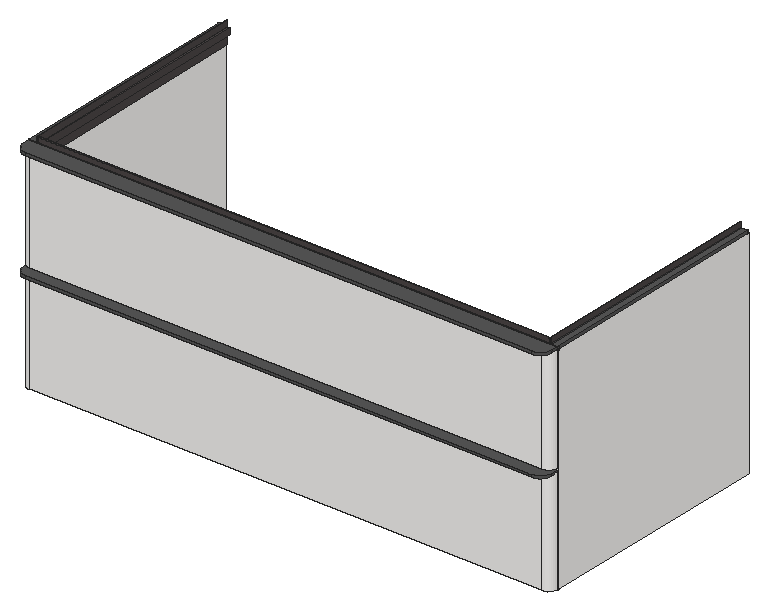
Revit family "vanity unit with 2 drawers for consoles with bowl", category Furniture, Revit 2019 (continued)
Definition of nested family "vanity unit 780_550 with 2 drawers for consoles with bowl-54077670-dark walnut-matt_black-400_content"
  Parameters (values of type "Vanity unit 780_550 with 2 drawers for consoles with bowl-54077670-Dark Walnut-MATT_BLACK-400_Content")
    NN = "Vanity unit with 2 drawers for consoles with bowl"
    NBSYN = "$BASENUMBER.-$ARTNR.-$OBERFLAECHE.-$SURFACE.-$LODLEVEL."
    NB = "Vanity unit 780/550 with 2 drawers for consoles with bowl-54077670-Dark Walnut-MATT_BLACK-400"
    NAME = "Xelu Q Vanity unit Dark Walnut 780/550 with 2 drawers for consoles with bowl"
    Model = "Vanity unit 780/550 with 2 drawers for consoles with bowl-54077670-Dark Walnut-MATT_BLACK-400"
    Manufacturer = "Hansgrohe"
    MASTERFORMAT = "12 35 30.23 | Bathroom Casework"
    LODLEVEL = "400"
    LINA = "Vanity unit 780/550 with 2 drawers for consoles with bowl-54077670-Dark Walnut-MATT_BLACK-400"
    L = 780
    IFC = "Furnishing element"
    GTINCODE = "4059625456446"
    ETIM = "EC011381 | Bathroom furniture set"
    Default Elevation = 1219.2 mm
    DESIGN = "Germany"
    ContentVisible [instance] = yes
    CATALOG = "Hansgrohe"
    BIMOBJECT = "Sanitary: Compound units"
    BASENUMBER = "Vanity unit 780/550 with 2 drawers for consoles with bowl"
    ARTNR = "54077670"
  Reference planes
    plane 1 "Center (Front/Back)": y = 0
    plane 2: z = 0
    plane 3 "Center (Left/Right)": x = 0
  Forms (mm)
    Extrusion 1, solid, visible <- "ContentVisible", detail levels medium+fine
      sketch origin (0, 0, 0) x (1, 0, 0) y (0, 1, 0)
        loop
          line (-390, 0) -> (-390, -527)
          arc (-390, -527) -> (-389.121, -529.121) -> (-387, -530) r 3
          line (-387, -530) -> (-374, -530) -> (-374, 0) -> (-390, 0)
      from 0 to 480
    Extrusion 2, solid, visible <- "ContentVisible", detail levels medium+fine
      sketch origin (0, 0, 0) x (1, 0, 0) y (0, 1, 0)
        loop
          line (-374, -133) -> (-374, -499.5) -> (374, -499.5) -> (374, -133) -> (-374, -133)
      from 0 to 16
    Extrusion 3, solid, visible <- "ContentVisible", detail levels medium+fine
      sketch origin (0, 0, 0) x (1, 0, 0) y (0, 1, 0)
        loop
          line (374, 0) -> (374, -530) -> (387, -530)
          arc (387, -530) -> (389.121, -529.121) -> (390, -527) r 3
          line (390, -527) -> (390, 0) -> (374, 0)
      from 0 to 480
    Extrusion 4, solid, visible <- "ContentVisible", detail levels medium+fine
      sketch origin (0, 0, 0) x (1, 0, 0) y (0, 1, 0)
        loop
          line (-374, -117) -> (-374, -133) -> (374, -133) -> (374, -117) -> (-374, -117)
      from 0 to 126
    Extrusion 5, solid, visible <- "ContentVisible", detail levels medium+fine
      sketch origin (0, 0, 2) x (1, 0, 0) y (0, 1, 0)
        loop
          arc (-390, -532) -> (-384.435, -545.435) -> (-371, -551) r 19
          line (-371, -551) -> (371, -551)
          arc (371, -551) -> (384.435, -545.435) -> (390, -532) r 19
          line (390, -532) -> (390, -530) -> (-390, -530) -> (-390, -532)
      from 0 to 234
    Extrusion 6, solid, visible <- "ContentVisible", detail levels medium+fine
      sketch origin (0, 0, 234) x (1, 0, 0) y (0, 1, 0)
        loop
          line (-388.5, -530) -> (-388.5, -546)
          arc (-388.5, -546) -> (-381.178, -563.678) -> (-363.5, -571) r 25
          line (-363.5, -571) -> (363.5, -571)
          arc (363.5, -571) -> (381.178, -563.678) -> (388.5, -546) r 25
          line (388.5, -546) -> (388.5, -530) -> (368.5, -530) -> (368.5, -528.5) -> (-368.5, -528.5) -> (-368.5, -530) -> (-388.5, -530)
      from 0 to 5
    Extrusion 7, solid, visible <- "ContentVisible", detail levels medium+fine
      sketch origin (0, 0, 0) x (0, 0, -1) y (0, 1, 0)
        loop
          line (-239, -528.5) -> (-239, -530) -> (-209, -530) -> (-209, -528.5) -> (-239, -528.5)
      from -368.5 to 368.5
    Extrusion 8, solid, visible <- "ContentVisible", detail levels medium+fine
      sketch origin (0, 0, 245) x (1, 0, 0) y (0, 1, 0)
        loop
          arc (-390, -532) -> (-384.435, -545.435) -> (-371, -551) r 19
          line (-371, -551) -> (371, -551)
          arc (371, -551) -> (384.435, -545.435) -> (390, -532) r 19
          line (390, -532) -> (390, -530) -> (-390, -530) -> (-390, -532)
      from 0 to 235
    Extrusion 9, solid, visible <- "ContentVisible", detail levels medium+fine
      sketch origin (0, 0, 480) x (1, 0, 0) y (0, 1, 0)
        loop
          line (-388.5, -530) -> (-388.5, -546)
          arc (-388.5, -546) -> (-381.178, -563.678) -> (-363.5, -571) r 25
          line (-363.5, -571) -> (363.5, -571)
          arc (363.5, -571) -> (381.178, -563.678) -> (388.5, -546) r 25
          line (388.5, -546) -> (388.5, -530) -> (368.5, -530) -> (368.5, -528.5) -> (-368.5, -528.5) -> (-368.5, -530) -> (-388.5, -530)
      from 0 to 5
    Extrusion 10, solid, visible <- "ContentVisible", detail levels medium+fine
      sketch origin (0, 0, 0) x (0, 0, -1) y (0, 1, 0)
        loop
          line (-485, -528.5) -> (-485, -530) -> (-455, -530) -> (-455, -528.5) -> (-485, -528.5)
      from -368.5 to 368.5
    Extrusion 11, solid, visible <- "ContentVisible", detail levels medium+fine
      sketch origin (0, 0, 0) x (1, 0, 0) y (0, 0, -1)
        loop
          line (-374, -447) -> (-374, -485) -> (-372.5, -485) -> (-372.5, -447) -> (-374, -447)
      from -530 to 0
    Extrusion 12, solid, visible <- "ContentVisible", detail levels medium+fine
      sketch origin (0, 0, 0) x (1, 0, 0) y (0, 0, -1)
        loop
          line (372.5, -446.8) -> (372.5, -485) -> (374, -485) -> (374, -446.8) -> (372.5, -446.8)
      from -530 to 0
    Extrusion 13, solid, visible <- "ContentVisible", detail levels medium+fine
      sketch origin (0, 0, 480) x (1, 0, 0) y (0, 1, 0)
        loop
          line (-390, -3) -> (-390, -527)
          arc (-390, -527) -> (-389.121, -529.121) -> (-387, -530) r 3
          line (-387, -530) -> (-374, -530) -> (-374, 0) -> (-387, 0)
          arc (-387, 0) -> (-389.121, -0.879) -> (-390, -3) r 3
      from 0 to 5
    Extrusion 14, solid, visible <- "ContentVisible", detail levels medium+fine
      sketch origin (0, 0, 480) x (1, 0, 0) y (0, 1, 0)
        loop
          line (374, 0) -> (374, -530) -> (387, -530)
          arc (387, -530) -> (389.121, -529.121) -> (390, -527) r 3
          line (390, -527) -> (390, -3)
          arc (390, -3) -> (389.121, -0.879) -> (387, 0) r 3
          line (387, 0) -> (374, 0)
      from 0 to 5
    Extrusion 15, solid, visible <- "ContentVisible", detail levels medium+fine
      sketch origin (0, 0, 0) x (1, 0, 0) y (0, 0, -1)
        loop
          line (-372.5, -447) -> (-372.5, -496) -> (-371, -496) -> (-371, -483) -> (-366.4, -483) -> (-366.4, -468.5) -> (-371, -468.5) -> (-371, -447) -> (-372.5, -447)
      from -528.5 to 0
    Extrusion 16, solid, visible <- "ContentVisible", detail levels medium+fine
      sketch origin (0, 0, 0) x (1, 0, 0) y (0, 0, -1)
        loop
          line (366.4, -468.5) -> (366.4, -483) -> (371, -483) -> (371, -496) -> (372.5, -496) -> (372.5, -447) -> (371, -447) -> (371, -468.5) -> (366.4, -468.5)
      from -528.5 to 0
    Extrusion 17, solid, visible <- "ContentVisible", detail levels medium+fine
      sketch origin (0, 0, 0) x (0, 0, -1) y (0, 1, 0)
        loop
          line (-496, -528.5) -> (-447, -528.5) -> (-447, -527) -> (-468.5, -527) -> (-468.5, -522.4) -> (-483, -522.4) -> (-483, -527) -> (-496, -527) -> (-496, -528.5)
      from -372.5 to 372.5
    Extrusion 18, solid, visible <- "ContentVisible", detail levels coarse
      sketch origin (0, -285.5, 0) x (1, 0, 0) y (0, 1, 0)
        loop
          line (-390, -285.5) -> (390, -285.5) -> (390, 285.5) -> (-390, 285.5) -> (-390, -285.5)
      from 0 to 496
  Dimensions and locks
    aligned and locked: level to plane 2
Definition of nested family "vanity unit 780_550 with 2 drawers for consoles with bowl-54077700-dark walnut-matt_white-200_content"
  Parameters (values of type "Vanity unit 780_550 with 2 drawers for consoles with bowl-54077700-Dark Walnut-MATT_WHITE-200_Content")
    etim7_EC011381 = "EC011381"
    WEIGHT = "31.3"
    UNSPSC = "56 | Furniture and Furnishings"
    UNIFORMATII = "E2010 | Fixed Furnishings"
    UNICLASS_2015_CODE = "40_30_78_05"
    UNICLASS2015 = "Pr_40_30_78_05 | Bathroom furniture"
    SURFACE = "MATT_WHITE"
    REGIONSET = "Worldwide"
    PRODUCTURL = "https://pro.hansgrohe.com/articledetail--54077000"
    PRODUCTGROUP = "vanity unit"
    PRODUCTFAMILY = "Xelu Q"
    PERMALINK = "54077XXX"
    OMNICLASS = "23-21 19 15 33 13 | Residential Bathroom Specialty Casework"
    OBJECTTYPE = "Object (single object)"
    OBERFLAECHE = "Dark Walnut"
    NN = "Vanity unit with 2 drawers for consoles with bowl"
    NBSYN = "$BASENUMBER.-$ARTNR.-$OBERFLAECHE.-$SURFACE.-$LODLEVEL."
    NB = "Vanity unit 780/550 with 2 drawers for consoles with bowl-54077700-Dark Walnut-MATT_WHITE-200"
    NAME = "Xelu Q Vanity unit Dark Walnut 780/550 with 2 drawers for consoles with bowl"
    Model = "Vanity unit 780/550 with 2 drawers for consoles with bowl-54077700-Dark Walnut-MATT_WHITE-200"
    Manufacturer = "Hansgrohe"
    MASTERFORMAT = "12 35 30.23 | Bathroom Casework"
    LODLEVEL = "200"
    LINA = "Vanity unit 780/550 with 2 drawers for consoles with bowl-54077700-Dark Walnut-MATT_WHITE-200"
    L = 780
    IFC = "Furnishing element"
    GTINCODE = "4059625456446"
    ETIM = "EC011381 | Bathroom furniture set"
    Default Elevation = 1219.2 mm
    DESIGN = "Germany"
    ContentVisible [instance] = yes
    CATALOG = "Hansgrohe"
    BIMOBJECT = "Sanitary: Compound units"
    BASENUMBER = "Vanity unit 780/550 with 2 drawers for consoles with bowl"
    ARTNR = "54077700"
  Reference planes
    plane 1 "Center (Front/Back)": y = 0
    plane 2: z = 0
    plane 3 "Center (Left/Right)": x = 0
  Forms (mm)
    Extrusion 1, solid, visible <- "ContentVisible", detail levels medium+fine
      sketch origin (0, 0, 0) x (1, 0, 0) y (0, 1, 0)
        loop
          line (-390, 0) -> (-390, -551) -> (390, -551) -> (390, 0) -> (374, 0) -> (374, -117) -> (-374, -117) -> (-374, 0) -> (-390, 0)
      from 0 to 480
    Extrusion 2, solid, visible <- "ContentVisible", detail levels medium+fine
      sketch origin (0, 0, 234) x (1, 0, 0) y (0, 1, 0)
        loop
          line (-388.5, -528.5) -> (-388.5, -571) -> (388.5, -571) -> (388.5, -528.5) -> (-388.5, -528.5)
      from 0 to 5
    Extrusion 3, solid, visible <- "ContentVisible", detail levels medium+fine
      sketch origin (0, 0, 480) x (1, 0, 0) y (0, 1, 0)
        loop
          line (-388.5, -528.5) -> (-388.5, -571) -> (388.5, -571) -> (388.5, -528.5) -> (-388.5, -528.5)
      from 0 to 5
    Extrusion 4, solid, visible <- "ContentVisible", detail levels medium+fine
      sketch origin (0, 0, 0) x (1, 0, 0) y (0, 0, -1)
        loop
          line (-374, -447) -> (-374, -485) -> (-372.5, -485) -> (-372.5, -447) -> (-374, -447)
      from -530 to 0
    Extrusion 5, solid, visible <- "ContentVisible", detail levels medium+fine
      sketch origin (0, 0, 0) x (1, 0, 0) y (0, 0, -1)
        loop
          line (372.5, -446.8) -> (372.5, -485) -> (374, -485) -> (374, -446.8) -> (372.5, -446.8)
      from -530 to 0
    Extrusion 6, solid, visible <- "ContentVisible", detail levels medium+fine
      sketch origin (0, 0, 480) x (1, 0, 0) y (0, 1, 0)
        loop
          line (-390, 0) -> (-390, -530) -> (-374, -530) -> (-374, 0) -> (-390, 0)
      from 0 to 5
    Extrusion 7, solid, visible <- "ContentVisible", detail levels medium+fine
      sketch origin (0, 0, 480) x (1, 0, 0) y (0, 1, 0)
        loop
          line (374, 0) -> (374, -530) -> (390, -530) -> (390, 0) -> (374, 0)
      from 0 to 5
    Extrusion 8, solid, visible <- "ContentVisible", detail levels medium+fine
      sketch origin (0, 0, 0) x (1, 0, 0) y (0, 0, -1)
        loop
          line (-372.5, -447) -> (-372.5, -496) -> (-366.4, -496) -> (-366.4, -447) -> (-372.5, -447)
      from -528.5 to 0
    Extrusion 9, solid, visible <- "ContentVisible", detail levels medium+fine
      sketch origin (0, 0, 0) x (1, 0, 0) y (0, 0, -1)
        loop
          line (366.4, -447) -> (366.4, -496) -> (372.5, -496) -> (372.5, -447) -> (366.4, -447)
      from -528.5 to 0
    Extrusion 10, solid, visible <- "ContentVisible", detail levels medium+fine
      sketch origin (0, 0, 0) x (0, 0, -1) y (0, 1, 0)
        loop
          line (-496, -528.5) -> (-447, -528.5) -> (-447, -522.4) -> (-496, -522.4) -> (-496, -528.5)
      from -372.5 to 372.5
    Extrusion 11, solid, visible <- "ContentVisible", detail levels coarse
      sketch origin (0, -285.5, 0) x (1, 0, 0) y (0, 1, 0)
        loop
          line (-390, -285.5) -> (390, -285.5) -> (390, 285.5) -> (-390, 285.5) -> (-390, -285.5)
      from 0 to 496
  Dimensions and locks
    aligned and locked: level to plane 2
Definition of nested family "vanity unit 780_550 with 2 drawers for consoles with bowl-54077700-dark walnut-matt_white-400_content"
  Parameters (values of type "Vanity unit 780_550 with 2 drawers for consoles with bowl-54077700-Dark Walnut-MATT_WHITE-400_Content")
    etim7_EC011381 = "EC011381"
    WEIGHT = "31.3"
    UNSPSC = "56 | Furniture and Furnishings"
    UNIFORMATII = "E2010 | Fixed Furnishings"
    UNICLASS_2015_CODE = "40_30_78_05"
    UNICLASS2015 = "Pr_40_30_78_05 | Bathroom furniture"
    SURFACE = "MATT_WHITE"
    REGIONSET = "Worldwide"
    PRODUCTURL = "https://pro.hansgrohe.com/articledetail--54077000"
    PRODUCTGROUP = "vanity unit"
    PRODUCTFAMILY = "Xelu Q"
    PERMALINK = "54077XXX"
    OMNICLASS = "23-21 19 15 33 13 | Residential Bathroom Specialty Casework"
    OBJECTTYPE = "Object (single object)"
    OBERFLAECHE = "Dark Walnut"
    NN = "Vanity unit with 2 drawers for consoles with bowl"
    NBSYN = "$BASENUMBER.-$ARTNR.-$OBERFLAECHE.-$SURFACE.-$LODLEVEL."
    NB = "Vanity unit 780/550 with 2 drawers for consoles with bowl-54077700-Dark Walnut-MATT_WHITE-400"
    NAME = "Xelu Q Vanity unit Dark Walnut 780/550 with 2 drawers for consoles with bowl"
    Model = "Vanity unit 780/550 with 2 drawers for consoles with bowl-54077700-Dark Walnut-MATT_WHITE-400"
    Manufacturer = "Hansgrohe"
    MASTERFORMAT = "12 35 30.23 | Bathroom Casework"
    LODLEVEL = "400"
    LINA = "Vanity unit 780/550 with 2 drawers for consoles with bowl-54077700-Dark Walnut-MATT_WHITE-400"
    L = 780
    IFC = "Furnishing element"
    GTINCODE = "4059625456446"
    ETIM = "EC011381 | Bathroom furniture set"
    Default Elevation = 1219.2 mm
    DESIGN = "Germany"
    ContentVisible [instance] = yes
    CATALOG = "Hansgrohe"
    BIMOBJECT = "Sanitary: Compound units"
    BASENUMBER = "Vanity unit 780/550 with 2 drawers for consoles with bowl"
    ARTNR = "54077700"
  Reference planes
    plane 1 "Center (Front/Back)": y = 0
    plane 2: z = 0
    plane 3 "Center (Left/Right)": x = 0
  Forms (mm)
    Extrusion 1, solid, visible <- "ContentVisible", detail levels medium+fine
      sketch origin (0, 0, 0) x (1, 0, 0) y (0, 1, 0)
        loop
          line (-390, 0) -> (-390, -527)
          arc (-390, -527) -> (-389.121, -529.121) -> (-387, -530) r 3
          line (-387, -530) -> (-374, -530) -> (-374, 0) -> (-390, 0)
      from 0 to 480
    Extrusion 2, solid, visible <- "ContentVisible", detail levels medium+fine
      sketch origin (0, 0, 0) x (1, 0, 0) y (0, 1, 0)
        loop
          line (-374, -133) -> (-374, -499.5) -> (374, -499.5) -> (374, -133) -> (-374, -133)
      from 0 to 16
    Extrusion 3, solid, visible <- "ContentVisible", detail levels medium+fine
      sketch origin (0, 0, 0) x (1, 0, 0) y (0, 1, 0)
        loop
          line (374, 0) -> (374, -530) -> (387, -530)
          arc (387, -530) -> (389.121, -529.121) -> (390, -527) r 3
          line (390, -527) -> (390, 0) -> (374, 0)
      from 0 to 480
    Extrusion 4, solid, visible <- "ContentVisible", detail levels medium+fine
      sketch origin (0, 0, 0) x (1, 0, 0) y (0, 1, 0)
        loop
          line (-374, -117) -> (-374, -133) -> (374, -133) -> (374, -117) -> (-374, -117)
      from 0 to 126
    Extrusion 5, solid, visible <- "ContentVisible", detail levels medium+fine
      sketch origin (0, 0, 2) x (1, 0, 0) y (0, 1, 0)
        loop
          arc (-390, -532) -> (-384.435, -545.435) -> (-371, -551) r 19
          line (-371, -551) -> (371, -551)
          arc (371, -551) -> (384.435, -545.435) -> (390, -532) r 19
          line (390, -532) -> (390, -530) -> (-390, -530) -> (-390, -532)
      from 0 to 234
    Extrusion 6, solid, visible <- "ContentVisible", detail levels medium+fine
      sketch origin (0, 0, 234) x (1, 0, 0) y (0, 1, 0)
        loop
          line (-388.5, -530) -> (-388.5, -546)
          arc (-388.5, -546) -> (-381.178, -563.678) -> (-363.5, -571) r 25
          line (-363.5, -571) -> (363.5, -571)
          arc (363.5, -571) -> (381.178, -563.678) -> (388.5, -546) r 25
          line (388.5, -546) -> (388.5, -530) -> (368.5, -530) -> (368.5, -528.5) -> (-368.5, -528.5) -> (-368.5, -530) -> (-388.5, -530)
      from 0 to 5
    Extrusion 7, solid, visible <- "ContentVisible", detail levels medium+fine
      sketch origin (0, 0, 0) x (0, 0, -1) y (0, 1, 0)
        loop
          line (-239, -528.5) -> (-239, -530) -> (-209, -530) -> (-209, -528.5) -> (-239, -528.5)
      from -368.5 to 368.5
    Extrusion 8, solid, visible <- "ContentVisible", detail levels medium+fine
      sketch origin (0, 0, 245) x (1, 0, 0) y (0, 1, 0)
        loop
          arc (-390, -532) -> (-384.435, -545.435) -> (-371, -551) r 19
          line (-371, -551) -> (371, -551)
          arc (371, -551) -> (384.435, -545.435) -> (390, -532) r 19
          line (390, -532) -> (390, -530) -> (-390, -530) -> (-390, -532)
      from 0 to 235
    Extrusion 9, solid, visible <- "ContentVisible", detail levels medium+fine
      sketch origin (0, 0, 480) x (1, 0, 0) y (0, 1, 0)
        loop
          line (-388.5, -530) -> (-388.5, -546)
          arc (-388.5, -546) -> (-381.178, -563.678) -> (-363.5, -571) r 25
          line (-363.5, -571) -> (363.5, -571)
          arc (363.5, -571) -> (381.178, -563.678) -> (388.5, -546) r 25
          line (388.5, -546) -> (388.5, -530) -> (368.5, -530) -> (368.5, -528.5) -> (-368.5, -528.5) -> (-368.5, -530) -> (-388.5, -530)
      from 0 to 5
    Extrusion 10, solid, visible <- "ContentVisible", detail levels medium+fine
      sketch origin (0, 0, 0) x (0, 0, -1) y (0, 1, 0)
        loop
          line (-485, -528.5) -> (-485, -530) -> (-455, -530) -> (-455, -528.5) -> (-485, -528.5)
      from -368.5 to 368.5
    Extrusion 11, solid, visible <- "ContentVisible", detail levels medium+fine
      sketch origin (0, 0, 0) x (1, 0, 0) y (0, 0, -1)
        loop
          line (-374, -447) -> (-374, -485) -> (-372.5, -485) -> (-372.5, -447) -> (-374, -447)
      from -530 to 0
    Extrusion 12, solid, visible <- "ContentVisible", detail levels medium+fine
      sketch origin (0, 0, 0) x (1, 0, 0) y (0, 0, -1)
        loop
          line (372.5, -446.8) -> (372.5, -485) -> (374, -485) -> (374, -446.8) -> (372.5, -446.8)
      from -530 to 0
    Extrusion 13, solid, visible <- "ContentVisible", detail levels medium+fine
      sketch origin (0, 0, 480) x (1, 0, 0) y (0, 1, 0)
        loop
          line (-390, -3) -> (-390, -527)
          arc (-390, -527) -> (-389.121, -529.121) -> (-387, -530) r 3
          line (-387, -530) -> (-374, -530) -> (-374, 0) -> (-387, 0)
          arc (-387, 0) -> (-389.121, -0.879) -> (-390, -3) r 3
      from 0 to 5
    Extrusion 14, solid, visible <- "ContentVisible", detail levels medium+fine
      sketch origin (0, 0, 480) x (1, 0, 0) y (0, 1, 0)
        loop
          line (374, 0) -> (374, -530) -> (387, -530)
          arc (387, -530) -> (389.121, -529.121) -> (390, -527) r 3
          line (390, -527) -> (390, -3)
          arc (390, -3) -> (389.121, -0.879) -> (387, 0) r 3
          line (387, 0) -> (374, 0)
      from 0 to 5
    Extrusion 15, solid, visible <- "ContentVisible", detail levels medium+fine
      sketch origin (0, 0, 0) x (1, 0, 0) y (0, 0, -1)
        loop
          line (-372.5, -447) -> (-372.5, -496) -> (-371, -496) -> (-371, -483) -> (-366.4, -483) -> (-366.4, -468.5) -> (-371, -468.5) -> (-371, -447) -> (-372.5, -447)
      from -528.5 to 0
    Extrusion 16, solid, visible <- "ContentVisible", detail levels medium+fine
      sketch origin (0, 0, 0) x (1, 0, 0) y (0, 0, -1)
        loop
          line (366.4, -468.5) -> (366.4, -483) -> (371, -483) -> (371, -496) -> (372.5, -496) -> (372.5, -447) -> (371, -447) -> (371, -468.5) -> (366.4, -468.5)
      from -528.5 to 0
    Extrusion 17, solid, visible <- "ContentVisible", detail levels medium+fine
      sketch origin (0, 0, 0) x (0, 0, -1) y (0, 1, 0)
        loop
          line (-496, -528.5) -> (-447, -528.5) -> (-447, -527) -> (-468.5, -527) -> (-468.5, -522.4) -> (-483, -522.4) -> (-483, -527) -> (-496, -527) -> (-496, -528.5)
      from -372.5 to 372.5
    Extrusion 18, solid, visible <- "ContentVisible", detail levels coarse
      sketch origin (0, -285.5, 0) x (1, 0, 0) y (0, 1, 0)
        loop
          line (-390, -285.5) -> (390, -285.5) -> (390, 285.5) -> (-390, 285.5) -> (-390, -285.5)
      from 0 to 496
  Dimensions and locks
    aligned and locked: level to plane 2
Definition of nested family "vanity unit 980_550 with 2 drawers for consoles with bowl-54078000-high gloss white-chrome-200_content"
  Parameters (values of type "Vanity unit 980_550 with 2 drawers for consoles with bowl-54078000-High Gloss White-CHROME-200_Content")
    etim7_EC011381 = "EC011381"
    WEIGHT = "37.4"
    UNSPSC = "56 | Furniture and Furnishings"
    UNIFORMATII = "E2010 | Fixed Furnishings"
    UNICLASS_2015_CODE = "40_30_78_05"
    UNICLASS2015 = "Pr_40_30_78_05 | Bathroom furniture"
    SURFACE = "CHROME"
    REGIONSET = "Worldwide"
    PRODUCTURL = "https://pro.hansgrohe.com/articledetail--54078000"
    PRODUCTGROUP = "vanity unit"
    PRODUCTFAMILY = "Xelu Q"
    PERMALINK = "54078XXX"
    OMNICLASS = "23-21 19 15 33 13 | Residential Bathroom Specialty Casework"
    OBJECTTYPE = "Object (single object)"
    OBERFLAECHE = "High Gloss White"
    NN = "Vanity unit with 2 drawers for consoles with bowl"
    NBSYN = "$BASENUMBER.-$ARTNR.-$OBERFLAECHE.-$SURFACE.-$LODLEVEL."
    NB = "Vanity unit 980/550 with 2 drawers for consoles with bowl-54078000-High Gloss White-CHROME-200"
    NAME = "Xelu Q Vanity unit High Gloss White 980/550 with 2 drawers for consoles with bowl"
    Model = "Vanity unit 980/550 with 2 drawers for consoles with bowl-54078000-High Gloss White-CHROME-200"
    Manufacturer = "Hansgrohe"
    MASTERFORMAT = "12 35 30.23 | Bathroom Casework"
    LODLEVEL = "200"
    LINA = "Vanity unit 980/550 with 2 drawers for consoles with bowl-54078000-High Gloss White-CHROME-200"
    L = 980
    IFC = "Furnishing element"
    GTINCODE = "4059625456811"
    ETIM = "EC011381 | Bathroom furniture set"
    Default Elevation = 1219.2 mm
    DESIGN = "Germany"
    ContentVisible [instance] = yes
    CATALOG = "Hansgrohe"
    BIMOBJECT = "Sanitary: Compound units"
    BASENUMBER = "Vanity unit 980/550 with 2 drawers for consoles with bowl"
    ARTNR = "54078000"
  Reference planes
    plane 1 "Center (Front/Back)": y = 0
    plane 2: z = 0
    plane 3 "Center (Left/Right)": x = 0
  Forms (mm)
    Extrusion 1, solid, visible <- "ContentVisible", detail levels medium+fine
      sketch origin (0, 0, 0) x (1, 0, 0) y (0, 1, 0)
        loop
          line (-490, 0) -> (-490, -551) -> (490, -551) -> (490, 0) -> (474, 0) -> (474, -117) -> (-474, -117) -> (-474, 0) -> (-490, 0)
      from 0 to 480
    Extrusion 2, solid, visible <- "ContentVisible", detail levels medium+fine
      sketch origin (0, 0, 234) x (1, 0, 0) y (0, 1, 0)
        loop
          line (-488.5, -528.5) -> (-488.5, -571) -> (488.5, -571) -> (488.5, -528.5) -> (-488.5, -528.5)
      from 0 to 5
    Extrusion 3, solid, visible <- "ContentVisible", detail levels medium+fine
      sketch origin (0, 0, 480) x (1, 0, 0) y (0, 1, 0)
        loop
          line (-488.5, -528.5) -> (-488.5, -571) -> (488.5, -571) -> (488.5, -528.5) -> (-488.5, -528.5)
      from 0 to 5
    Extrusion 4, solid, visible <- "ContentVisible", detail levels medium+fine
      sketch origin (0, 0, 0) x (1, 0, 0) y (0, 0, -1)
        loop
          line (-474, -447) -> (-474, -485) -> (-472.5, -485) -> (-472.5, -447) -> (-474, -447)
      from -530 to 0
    Extrusion 5, solid, visible <- "ContentVisible", detail levels medium+fine
      sketch origin (0, 0, 0) x (1, 0, 0) y (0, 0, -1)
        loop
          line (472.5, -446.8) -> (472.5, -485) -> (474, -485) -> (474, -446.8) -> (472.5, -446.8)
      from -530 to 0
    Extrusion 6, solid, visible <- "ContentVisible", detail levels medium+fine
      sketch origin (0, 0, 480) x (1, 0, 0) y (0, 1, 0)
        loop
          line (-490, 0) -> (-490, -530) -> (-474, -530) -> (-474, 0) -> (-490, 0)
      from 0 to 5
    Extrusion 7, solid, visible <- "ContentVisible", detail levels medium+fine
      sketch origin (0, 0, 480) x (1, 0, 0) y (0, 1, 0)
        loop
          line (474, 0) -> (474, -530) -> (490, -530) -> (490, 0) -> (474, 0)
      from 0 to 5
    Extrusion 8, solid, visible <- "ContentVisible", detail levels medium+fine
      sketch origin (0, 0, 0) x (1, 0, 0) y (0, 0, -1)
        loop
          line (-472.5, -447) -> (-472.5, -496) -> (-466.4, -496) -> (-466.4, -447) -> (-472.5, -447)
      from -528.5 to 0
    Extrusion 9, solid, visible <- "ContentVisible", detail levels medium+fine
      sketch origin (0, 0, 0) x (1, 0, 0) y (0, 0, -1)
        loop
          line (466.4, -447) -> (466.4, -496) -> (472.5, -496) -> (472.5, -447) -> (466.4, -447)
      from -528.5 to 0
    Extrusion 10, solid, visible <- "ContentVisible", detail levels medium+fine
      sketch origin (0, 0, 0) x (0, 0, -1) y (0, 1, 0)
        loop
          line (-496, -528.5) -> (-447, -528.5) -> (-447, -522.4) -> (-496, -522.4) -> (-496, -528.5)
      from -472.5 to 472.5
    Extrusion 11, solid, visible <- "ContentVisible", detail levels coarse
      sketch origin (0, -285.5, 0) x (1, 0, 0) y (0, 1, 0)
        loop
          line (-490, -285.5) -> (490, -285.5) -> (490, 285.5) -> (-490, 285.5) -> (-490, -285.5)
      from 0 to 496
  Dimensions and locks
    aligned and locked: level to plane 2
Definition of nested family "vanity unit 980_550 with 2 drawers for consoles with bowl-54078000-high gloss white-chrome-400_content"
  Parameters (values of type "Vanity unit 980_550 with 2 drawers for consoles with bowl-54078000-High Gloss White-CHROME-400_Content")
    etim7_EC011381 = "EC011381"
    WEIGHT = "37.4"
    UNSPSC = "56 | Furniture and Furnishings"
    UNIFORMATII = "E2010 | Fixed Furnishings"
    UNICLASS_2015_CODE = "40_30_78_05"
    UNICLASS2015 = "Pr_40_30_78_05 | Bathroom furniture"
    SURFACE = "CHROME"
    REGIONSET = "Worldwide"
    PRODUCTURL = "https://pro.hansgrohe.com/articledetail--54078000"
    PRODUCTGROUP = "vanity unit"
    PRODUCTFAMILY = "Xelu Q"
    PERMALINK = "54078XXX"
    OMNICLASS = "23-21 19 15 33 13 | Residential Bathroom Specialty Casework"
    OBJECTTYPE = "Object (single object)"
    OBERFLAECHE = "High Gloss White"
    NN = "Vanity unit with 2 drawers for consoles with bowl"
    NBSYN = "$BASENUMBER.-$ARTNR.-$OBERFLAECHE.-$SURFACE.-$LODLEVEL."
    NB = "Vanity unit 980/550 with 2 drawers for consoles with bowl-54078000-High Gloss White-CHROME-400"
    NAME = "Xelu Q Vanity unit High Gloss White 980/550 with 2 drawers for consoles with bowl"
    Model = "Vanity unit 980/550 with 2 drawers for consoles with bowl-54078000-High Gloss White-CHROME-400"
    Manufacturer = "Hansgrohe"
    MASTERFORMAT = "12 35 30.23 | Bathroom Casework"
    LODLEVEL = "400"
    LINA = "Vanity unit 980/550 with 2 drawers for consoles with bowl-54078000-High Gloss White-CHROME-400"
    L = 980
    IFC = "Furnishing element"
    GTINCODE = "4059625456811"
    ETIM = "EC011381 | Bathroom furniture set"
    Default Elevation = 1219.2 mm
    DESIGN = "Germany"
    ContentVisible [instance] = yes
    CATALOG = "Hansgrohe"
    BIMOBJECT = "Sanitary: Compound units"
    BASENUMBER = "Vanity unit 980/550 with 2 drawers for consoles with bowl"
    ARTNR = "54078000"
  Reference planes
    plane 1 "Center (Front/Back)": y = 0
    plane 2: z = 0
    plane 3 "Center (Left/Right)": x = 0
  Forms (mm)
    Extrusion 1, solid, visible <- "ContentVisible", detail levels medium+fine
      sketch origin (0, 0, 0) x (1, 0, 0) y (0, 1, 0)
        loop
          line (-490, 0) -> (-490, -527)
          arc (-490, -527) -> (-489.121, -529.121) -> (-487, -530) r 3
          line (-487, -530) -> (-474, -530) -> (-474, 0) -> (-490, 0)
      from 0 to 480
    Extrusion 2, solid, visible <- "ContentVisible", detail levels medium+fine
      sketch origin (0, 0, 0) x (1, 0, 0) y (0, 1, 0)
        loop
          line (-474, -133) -> (-474, -499.5) -> (474, -499.5) -> (474, -133) -> (-474, -133)
      from 0 to 16
    Extrusion 3, solid, visible <- "ContentVisible", detail levels medium+fine
      sketch origin (0, 0, 0) x (1, 0, 0) y (0, 1, 0)
        loop
          line (474, 0) -> (474, -530) -> (487, -530)
          arc (487, -530) -> (489.121, -529.121) -> (490, -527) r 3
          line (490, -527) -> (490, 0) -> (474, 0)
      from 0 to 480
    Extrusion 4, solid, visible <- "ContentVisible", detail levels medium+fine
      sketch origin (0, 0, 0) x (1, 0, 0) y (0, 1, 0)
        loop
          line (-474, -117) -> (-474, -133) -> (474, -133) -> (474, -117) -> (-474, -117)
      from 0 to 126
    Extrusion 5, solid, visible <- "ContentVisible", detail levels medium+fine
      sketch origin (0, 0, 2) x (1, 0, 0) y (0, 1, 0)
        loop
          line (-490, -530) -> (-490, -532)
          arc (-490, -532) -> (-484.435, -545.435) -> (-471, -551) r 19
          line (-471, -551) -> (471, -551)
          arc (471, -551) -> (484.435, -545.435) -> (490, -532) r 19
          line (490, -532) -> (490, -530) -> (-490, -530)
      from 0 to 234
    Extrusion 6, solid, visible <- "ContentVisible", detail levels medium+fine
      sketch origin (0, 0, 234) x (1, 0, 0) y (0, 1, 0)
        loop
          line (-488.5, -530) -> (-488.5, -546)
          arc (-488.5, -546) -> (-481.178, -563.678) -> (-463.5, -571) r 25
          line (-463.5, -571) -> (463.5, -571)
          arc (463.5, -571) -> (481.178, -563.678) -> (488.5, -546) r 25
          line (488.5, -546) -> (488.5, -530) -> (468.5, -530) -> (468.5, -528.5) -> (-468.5, -528.5) -> (-468.5, -530) -> (-488.5, -530)
      from 0 to 5
    Extrusion 7, solid, visible <- "ContentVisible", detail levels medium+fine
      sketch origin (0, 0, 0) x (0, 0, -1) y (0, 1, 0)
        loop
          line (-239, -528.5) -> (-239, -530) -> (-209, -530) -> (-209, -528.5) -> (-239, -528.5)
      from -468.5 to 468.5
    Extrusion 8, solid, visible <- "ContentVisible", detail levels medium+fine
      sketch origin (0, 0, 245) x (1, 0, 0) y (0, 1, 0)
        loop
          line (-490, -530) -> (-490, -532)
          arc (-490, -532) -> (-484.435, -545.435) -> (-471, -551) r 19
          line (-471, -551) -> (471, -551)
          arc (471, -551) -> (484.435, -545.435) -> (490, -532) r 19
          line (490, -532) -> (490, -530) -> (-490, -530)
      from 0 to 235
    Extrusion 9, solid, visible <- "ContentVisible", detail levels medium+fine
      sketch origin (0, 0, 480) x (1, 0, 0) y (0, 1, 0)
        loop
          line (-488.5, -530) -> (-488.5, -546)
          arc (-488.5, -546) -> (-481.178, -563.678) -> (-463.5, -571) r 25
          line (-463.5, -571) -> (463.5, -571)
          arc (463.5, -571) -> (481.178, -563.678) -> (488.5, -546) r 25
          line (488.5, -546) -> (488.5, -530) -> (468.5, -530) -> (468.5, -528.5) -> (-468.5, -528.5) -> (-468.5, -530) -> (-488.5, -530)
      from 0 to 5
    Extrusion 10, solid, visible <- "ContentVisible", detail levels medium+fine
      sketch origin (0, 0, 0) x (0, 0, -1) y (0, 1, 0)
        loop
          line (-485, -528.5) -> (-485, -530) -> (-455, -530) -> (-455, -528.5) -> (-485, -528.5)
      from -468.5 to 468.5
    Extrusion 11, solid, visible <- "ContentVisible", detail levels medium+fine
      sketch origin (0, 0, 0) x (1, 0, 0) y (0, 0, -1)
        loop
          line (-474, -447) -> (-474, -485) -> (-472.5, -485) -> (-472.5, -447) -> (-474, -447)
      from -530 to 0
    Extrusion 12, solid, visible <- "ContentVisible", detail levels medium+fine
      sketch origin (0, 0, 0) x (1, 0, 0) y (0, 0, -1)
        loop
          line (472.5, -446.8) -> (472.5, -485) -> (474, -485) -> (474, -446.8) -> (472.5, -446.8)
      from -530 to 0
    Extrusion 13, solid, visible <- "ContentVisible", detail levels medium+fine
      sketch origin (0, 0, 480) x (1, 0, 0) y (0, 1, 0)
        loop
          line (-490, -3) -> (-490, -527)
          arc (-490, -527) -> (-489.121, -529.121) -> (-487, -530) r 3
          line (-487, -530) -> (-474, -530) -> (-474, 0) -> (-487, 0)
          arc (-487, 0) -> (-489.121, -0.879) -> (-490, -3) r 3
      from 0 to 5
    Extrusion 14, solid, visible <- "ContentVisible", detail levels medium+fine
      sketch origin (0, 0, 480) x (1, 0, 0) y (0, 1, 0)
        loop
          line (474, 0) -> (474, -530) -> (487, -530)
          arc (487, -530) -> (489.121, -529.121) -> (490, -527) r 3
          line (490, -527) -> (490, -3)
          arc (490, -3) -> (489.121, -0.879) -> (487, 0) r 3
          line (487, 0) -> (474, 0)
      from 0 to 5
    Extrusion 15, solid, visible <- "ContentVisible", detail levels medium+fine
      sketch origin (0, 0, 0) x (1, 0, 0) y (0, 0, -1)
        loop
          line (-472.5, -447) -> (-472.5, -496) -> (-471, -496) -> (-471, -483) -> (-466.4, -483) -> (-466.4, -468.5) -> (-471, -468.5) -> (-471, -447) -> (-472.5, -447)
      from -528.5 to 0
    Extrusion 16, solid, visible <- "ContentVisible", detail levels medium+fine
      sketch origin (0, 0, 0) x (1, 0, 0) y (0, 0, -1)
        loop
          line (466.4, -468.5) -> (466.4, -483) -> (471, -483) -> (471, -496) -> (472.5, -496) -> (472.5, -447) -> (471, -447) -> (471, -468.5) -> (466.4, -468.5)
      from -528.5 to 0
    Extrusion 17, solid, visible <- "ContentVisible", detail levels medium+fine
      sketch origin (0, 0, 0) x (0, 0, -1) y (0, 1, 0)
        loop
          line (-496, -528.5) -> (-447, -528.5) -> (-447, -527) -> (-468.5, -527) -> (-468.5, -522.4) -> (-483, -522.4) -> (-483, -527) -> (-496, -527) -> (-496, -528.5)
      from -472.5 to 472.5
    Extrusion 18, solid, visible <- "ContentVisible", detail levels coarse
      sketch origin (0, -285.5, 0) x (1, 0, 0) y (0, 1, 0)
        loop
          line (-490, -285.5) -> (490, -285.5) -> (490, 285.5) -> (-490, 285.5) -> (-490, -285.5)
      from 0 to 496
  Dimensions and locks
    aligned and locked: level to plane 2
Definition of nested family "vanity unit 980_550 with 2 drawers for consoles with bowl-54078670-high gloss white-matt_black-200_content"
  Parameters (values of type "Vanity unit 980_550 with 2 drawers for consoles with bowl-54078670-High Gloss White-MATT_BLACK-200_Content")
    etim7_EC011381 = "EC011381"
    WEIGHT = "37.4"
    UNSPSC = "56 | Furniture and Furnishings"
    UNIFORMATII = "E2010 | Fixed Furnishings"
    UNICLASS_2015_CODE = "40_30_78_05"
    UNICLASS2015 = "Pr_40_30_78_05 | Bathroom furniture"
    SURFACE = "MATT_BLACK"
    REGIONSET = "Worldwide"
    PRODUCTURL = "https://pro.hansgrohe.com/articledetail--54078000"
    PRODUCTGROUP = "vanity unit"
    PRODUCTFAMILY = "Xelu Q"
    PERMALINK = "54078XXX"
    OMNICLASS = "23-21 19 15 33 13 | Residential Bathroom Specialty Casework"
    OBJECTTYPE = "Object (single object)"
    OBERFLAECHE = "High Gloss White"
    NN = "Vanity unit with 2 drawers for consoles with bowl"
    NBSYN = "$BASENUMBER.-$ARTNR.-$OBERFLAECHE.-$SURFACE.-$LODLEVEL."
    NB = "Vanity unit 980/550 with 2 drawers for consoles with bowl-54078670-High Gloss White-MATT_BLACK-200"
    NAME = "Xelu Q Vanity unit High Gloss White 980/550 with 2 drawers for consoles with bowl"
    Model = "Vanity unit 980/550 with 2 drawers for consoles with bowl-54078670-High Gloss White-MATT_BLACK-200"
    Manufacturer = "Hansgrohe"
    MASTERFORMAT = "12 35 30.23 | Bathroom Casework"
    LODLEVEL = "200"
    LINA = "Vanity unit 980/550 with 2 drawers for consoles with bowl-54078670-High Gloss White-MATT_BLACK-200"
    L = 980
    IFC = "Furnishing element"
    GTINCODE = "4059625456811"
    ETIM = "EC011381 | Bathroom furniture set"
    Default Elevation = 1219.2 mm
    DESIGN = "Germany"
    ContentVisible [instance] = yes
    CATALOG = "Hansgrohe"
    BIMOBJECT = "Sanitary: Compound units"
    BASENUMBER = "Vanity unit 980/550 with 2 drawers for consoles with bowl"
    ARTNR = "54078670"
  Reference planes
    plane 1 "Center (Front/Back)": y = 0
    plane 2: z = 0
    plane 3 "Center (Left/Right)": x = 0
  Forms (mm)
    Extrusion 1, solid, visible <- "ContentVisible", detail levels medium+fine
      sketch origin (0, 0, 0) x (1, 0, 0) y (0, 1, 0)
        loop
          line (-490, 0) -> (-490, -551) -> (490, -551) -> (490, 0) -> (474, 0) -> (474, -117) -> (-474, -117) -> (-474, 0) -> (-490, 0)
      from 0 to 480
    Extrusion 2, solid, visible <- "ContentVisible", detail levels medium+fine
      sketch origin (0, 0, 234) x (1, 0, 0) y (0, 1, 0)
        loop
          line (-488.5, -528.5) -> (-488.5, -571) -> (488.5, -571) -> (488.5, -528.5) -> (-488.5, -528.5)
      from 0 to 5
    Extrusion 3, solid, visible <- "ContentVisible", detail levels medium+fine
      sketch origin (0, 0, 480) x (1, 0, 0) y (0, 1, 0)
        loop
          line (-488.5, -528.5) -> (-488.5, -571) -> (488.5, -571) -> (488.5, -528.5) -> (-488.5, -528.5)
      from 0 to 5
    Extrusion 4, solid, visible <- "ContentVisible", detail levels medium+fine
      sketch origin (0, 0, 0) x (1, 0, 0) y (0, 0, -1)
        loop
          line (-474, -447) -> (-474, -485) -> (-472.5, -485) -> (-472.5, -447) -> (-474, -447)
      from -530 to 0
    Extrusion 5, solid, visible <- "ContentVisible", detail levels medium+fine
      sketch origin (0, 0, 0) x (1, 0, 0) y (0, 0, -1)
        loop
          line (472.5, -446.8) -> (472.5, -485) -> (474, -485) -> (474, -446.8) -> (472.5, -446.8)
      from -530 to 0
    Extrusion 6, solid, visible <- "ContentVisible", detail levels medium+fine
      sketch origin (0, 0, 480) x (1, 0, 0) y (0, 1, 0)
        loop
          line (-490, 0) -> (-490, -530) -> (-474, -530) -> (-474, 0) -> (-490, 0)
      from 0 to 5
    Extrusion 7, solid, visible <- "ContentVisible", detail levels medium+fine
      sketch origin (0, 0, 480) x (1, 0, 0) y (0, 1, 0)
        loop
          line (474, 0) -> (474, -530) -> (490, -530) -> (490, 0) -> (474, 0)
      from 0 to 5
    Extrusion 8, solid, visible <- "ContentVisible", detail levels medium+fine
      sketch origin (0, 0, 0) x (1, 0, 0) y (0, 0, -1)
        loop
          line (-472.5, -447) -> (-472.5, -496) -> (-466.4, -496) -> (-466.4, -447) -> (-472.5, -447)
      from -528.5 to 0
    Extrusion 9, solid, visible <- "ContentVisible", detail levels medium+fine
      sketch origin (0, 0, 0) x (1, 0, 0) y (0, 0, -1)
        loop
          line (466.4, -447) -> (466.4, -496) -> (472.5, -496) -> (472.5, -447) -> (466.4, -447)
      from -528.5 to 0
    Extrusion 10, solid, visible <- "ContentVisible", detail levels medium+fine
      sketch origin (0, 0, 0) x (0, 0, -1) y (0, 1, 0)
        loop
          line (-496, -528.5) -> (-447, -528.5) -> (-447, -522.4) -> (-496, -522.4) -> (-496, -528.5)
      from -472.5 to 472.5
    Extrusion 11, solid, visible <- "ContentVisible", detail levels coarse
      sketch origin (0, -285.5, 0) x (1, 0, 0) y (0, 1, 0)
        loop
          line (-490, -285.5) -> (490, -285.5) -> (490, 285.5) -> (-490, 285.5) -> (-490, -285.5)
      from 0 to 496
  Dimensions and locks
    aligned and locked: level to plane 2
Definition of nested family "vanity unit 980_550 with 2 drawers for consoles with bowl-54078670-high gloss white-matt_black-400_content"
  Parameters (values of type "Vanity unit 980_550 with 2 drawers for consoles with bowl-54078670-High Gloss White-MATT_BLACK-400_Content")
    etim7_EC011381 = "EC011381"
    WEIGHT = "37.4"
    UNSPSC = "56 | Furniture and Furnishings"
    UNIFORMATII = "E2010 | Fixed Furnishings"
    UNICLASS_2015_CODE = "40_30_78_05"
    UNICLASS2015 = "Pr_40_30_78_05 | Bathroom furniture"
    SURFACE = "MATT_BLACK"
    REGIONSET = "Worldwide"
    PRODUCTURL = "https://pro.hansgrohe.com/articledetail--54078000"
    PRODUCTGROUP = "vanity unit"
    PRODUCTFAMILY = "Xelu Q"
    PERMALINK = "54078XXX"
    OMNICLASS = "23-21 19 15 33 13 | Residential Bathroom Specialty Casework"
    OBJECTTYPE = "Object (single object)"
    OBERFLAECHE = "High Gloss White"
    NN = "Vanity unit with 2 drawers for consoles with bowl"
    NBSYN = "$BASENUMBER.-$ARTNR.-$OBERFLAECHE.-$SURFACE.-$LODLEVEL."
    NB = "Vanity unit 980/550 with 2 drawers for consoles with bowl-54078670-High Gloss White-MATT_BLACK-400"
    NAME = "Xelu Q Vanity unit High Gloss White 980/550 with 2 drawers for consoles with bowl"
    Model = "Vanity unit 980/550 with 2 drawers for consoles with bowl-54078670-High Gloss White-MATT_BLACK-400"
    Manufacturer = "Hansgrohe"
    MASTERFORMAT = "12 35 30.23 | Bathroom Casework"
    LODLEVEL = "400"
    LINA = "Vanity unit 980/550 with 2 drawers for consoles with bowl-54078670-High Gloss White-MATT_BLACK-400"
    L = 980
    IFC = "Furnishing element"
    GTINCODE = "4059625456811"
    ETIM = "EC011381 | Bathroom furniture set"
    Default Elevation = 1219.2 mm
    DESIGN = "Germany"
    ContentVisible [instance] = yes
    CATALOG = "Hansgrohe"
    BIMOBJECT = "Sanitary: Compound units"
    BASENUMBER = "Vanity unit 980/550 with 2 drawers for consoles with bowl"
    ARTNR = "54078670"
  Reference planes
    plane 1 "Center (Front/Back)": y = 0
    plane 2: z = 0
    plane 3 "Center (Left/Right)": x = 0
  Forms (mm)
    Extrusion 1, solid, visible <- "ContentVisible", detail levels medium+fine
      sketch origin (0, 0, 0) x (1, 0, 0) y (0, 1, 0)
        loop
          line (-490, 0) -> (-490, -527)
          arc (-490, -527) -> (-489.121, -529.121) -> (-487, -530) r 3
          line (-487, -530) -> (-474, -530) -> (-474, 0) -> (-490, 0)
      from 0 to 480
    Extrusion 2, solid, visible <- "ContentVisible", detail levels medium+fine
      sketch origin (0, 0, 0) x (1, 0, 0) y (0, 1, 0)
        loop
          line (-474, -133) -> (-474, -499.5) -> (474, -499.5) -> (474, -133) -> (-474, -133)
      from 0 to 16
    Extrusion 3, solid, visible <- "ContentVisible", detail levels medium+fine
      sketch origin (0, 0, 0) x (1, 0, 0) y (0, 1, 0)
        loop
          line (474, 0) -> (474, -530) -> (487, -530)
          arc (487, -530) -> (489.121, -529.121) -> (490, -527) r 3
          line (490, -527) -> (490, 0) -> (474, 0)
      from 0 to 480
    Extrusion 4, solid, visible <- "ContentVisible", detail levels medium+fine
      sketch origin (0, 0, 0) x (1, 0, 0) y (0, 1, 0)
        loop
          line (-474, -117) -> (-474, -133) -> (474, -133) -> (474, -117) -> (-474, -117)
      from 0 to 126
    Extrusion 5, solid, visible <- "ContentVisible", detail levels medium+fine
      sketch origin (0, 0, 2) x (1, 0, 0) y (0, 1, 0)
        loop
          line (-490, -530) -> (-490, -532)
          arc (-490, -532) -> (-484.435, -545.435) -> (-471, -551) r 19
          line (-471, -551) -> (471, -551)
          arc (471, -551) -> (484.435, -545.435) -> (490, -532) r 19
          line (490, -532) -> (490, -530) -> (-490, -530)
      from 0 to 234
    Extrusion 6, solid, visible <- "ContentVisible", detail levels medium+fine
      sketch origin (0, 0, 234) x (1, 0, 0) y (0, 1, 0)
        loop
          line (-488.5, -530) -> (-488.5, -546)
          arc (-488.5, -546) -> (-481.178, -563.678) -> (-463.5, -571) r 25
          line (-463.5, -571) -> (463.5, -571)
          arc (463.5, -571) -> (481.178, -563.678) -> (488.5, -546) r 25
          line (488.5, -546) -> (488.5, -530) -> (468.5, -530) -> (468.5, -528.5) -> (-468.5, -528.5) -> (-468.5, -530) -> (-488.5, -530)
      from 0 to 5
    Extrusion 7, solid, visible <- "ContentVisible", detail levels medium+fine
      sketch origin (0, 0, 0) x (0, 0, -1) y (0, 1, 0)
        loop
          line (-239, -528.5) -> (-239, -530) -> (-209, -530) -> (-209, -528.5) -> (-239, -528.5)
      from -468.5 to 468.5
    Extrusion 8, solid, visible <- "ContentVisible", detail levels medium+fine
      sketch origin (0, 0, 245) x (1, 0, 0) y (0, 1, 0)
        loop
          line (-490, -530) -> (-490, -532)
          arc (-490, -532) -> (-484.435, -545.435) -> (-471, -551) r 19
          line (-471, -551) -> (471, -551)
          arc (471, -551) -> (484.435, -545.435) -> (490, -532) r 19
          line (490, -532) -> (490, -530) -> (-490, -530)
      from 0 to 235
    Extrusion 9, solid, visible <- "ContentVisible", detail levels medium+fine
      sketch origin (0, 0, 480) x (1, 0, 0) y (0, 1, 0)
        loop
          line (-488.5, -530) -> (-488.5, -546)
          arc (-488.5, -546) -> (-481.178, -563.678) -> (-463.5, -571) r 25
          line (-463.5, -571) -> (463.5, -571)
          arc (463.5, -571) -> (481.178, -563.678) -> (488.5, -546) r 25
          line (488.5, -546) -> (488.5, -530) -> (468.5, -530) -> (468.5, -528.5) -> (-468.5, -528.5) -> (-468.5, -530) -> (-488.5, -530)
      from 0 to 5
    Extrusion 10, solid, visible <- "ContentVisible", detail levels medium+fine
      sketch origin (0, 0, 0) x (0, 0, -1) y (0, 1, 0)
        loop
          line (-485, -528.5) -> (-485, -530) -> (-455, -530) -> (-455, -528.5) -> (-485, -528.5)
      from -468.5 to 468.5
    Extrusion 11, solid, visible <- "ContentVisible", detail levels medium+fine
      sketch origin (0, 0, 0) x (1, 0, 0) y (0, 0, -1)
        loop
          line (-474, -447) -> (-474, -485) -> (-472.5, -485) -> (-472.5, -447) -> (-474, -447)
      from -530 to 0
    Extrusion 12, solid, visible <- "ContentVisible", detail levels medium+fine
      sketch origin (0, 0, 0) x (1, 0, 0) y (0, 0, -1)
        loop
          line (472.5, -446.8) -> (472.5, -485) -> (474, -485) -> (474, -446.8) -> (472.5, -446.8)
      from -530 to 0
    Extrusion 13, solid, visible <- "ContentVisible", detail levels medium+fine
      sketch origin (0, 0, 480) x (1, 0, 0) y (0, 1, 0)
        loop
          line (-490, -3) -> (-490, -527)
          arc (-490, -527) -> (-489.121, -529.121) -> (-487, -530) r 3
          line (-487, -530) -> (-474, -530) -> (-474, 0) -> (-487, 0)
          arc (-487, 0) -> (-489.121, -0.879) -> (-490, -3) r 3
      from 0 to 5
    Extrusion 14, solid, visible <- "ContentVisible", detail levels medium+fine
      sketch origin (0, 0, 480) x (1, 0, 0) y (0, 1, 0)
        loop
          line (474, 0) -> (474, -530) -> (487, -530)
          arc (487, -530) -> (489.121, -529.121) -> (490, -527) r 3
          line (490, -527) -> (490, -3)
          arc (490, -3) -> (489.121, -0.879) -> (487, 0) r 3
          line (487, 0) -> (474, 0)
      from 0 to 5
    Extrusion 15, solid, visible <- "ContentVisible", detail levels medium+fine
      sketch origin (0, 0, 0) x (1, 0, 0) y (0, 0, -1)
        loop
          line (-472.5, -447) -> (-472.5, -496) -> (-471, -496) -> (-471, -483) -> (-466.4, -483) -> (-466.4, -468.5) -> (-471, -468.5) -> (-471, -447) -> (-472.5, -447)
      from -528.5 to 0
    Extrusion 16, solid, visible <- "ContentVisible", detail levels medium+fine
      sketch origin (0, 0, 0) x (1, 0, 0) y (0, 0, -1)
        loop
          line (466.4, -468.5) -> (466.4, -483) -> (471, -483) -> (471, -496) -> (472.5, -496) -> (472.5, -447) -> (471, -447) -> (471, -468.5) -> (466.4, -468.5)
      from -528.5 to 0
    Extrusion 17, solid, visible <- "ContentVisible", detail levels medium+fine
      sketch origin (0, 0, 0) x (0, 0, -1) y (0, 1, 0)
        loop
          line (-496, -528.5) -> (-447, -528.5) -> (-447, -527) -> (-468.5, -527) -> (-468.5, -522.4) -> (-483, -522.4) -> (-483, -527) -> (-496, -527) -> (-496, -528.5)
      from -472.5 to 472.5
    Extrusion 18, solid, visible <- "ContentVisible", detail levels coarse
      sketch origin (0, -285.5, 0) x (1, 0, 0) y (0, 1, 0)
        loop
          line (-490, -285.5) -> (490, -285.5) -> (490, 285.5) -> (-490, 285.5) -> (-490, -285.5)
      from 0 to 496
  Dimensions and locks
    aligned and locked: level to plane 2
Definition of nested family "vanity unit 980_550 with 2 drawers for consoles with bowl-54078700-high gloss white-matt_white-200_content"
  Parameters (values of type "Vanity unit 980_550 with 2 drawers for consoles with bowl-54078700-High Gloss White-MATT_WHITE-200_Content")
    etim7_EC011381 = "EC011381"
    WEIGHT = "37.4"
    UNSPSC = "56 | Furniture and Furnishings"
    UNIFORMATII = "E2010 | Fixed Furnishings"
    UNICLASS_2015_CODE = "40_30_78_05"
    UNICLASS2015 = "Pr_40_30_78_05 | Bathroom furniture"
    SURFACE = "MATT_WHITE"
    REGIONSET = "Worldwide"
    PRODUCTURL = "https://pro.hansgrohe.com/articledetail--54078000"
    PRODUCTGROUP = "vanity unit"
    PRODUCTFAMILY = "Xelu Q"
    PERMALINK = "54078XXX"
    OMNICLASS = "23-21 19 15 33 13 | Residential Bathroom Specialty Casework"
    OBJECTTYPE = "Object (single object)"
    OBERFLAECHE = "High Gloss White"
    NN = "Vanity unit with 2 drawers for consoles with bowl"
    NBSYN = "$BASENUMBER.-$ARTNR.-$OBERFLAECHE.-$SURFACE.-$LODLEVEL."
    NB = "Vanity unit 980/550 with 2 drawers for consoles with bowl-54078700-High Gloss White-MATT_WHITE-200"
    NAME = "Xelu Q Vanity unit High Gloss White 980/550 with 2 drawers for consoles with bowl"
    Model = "Vanity unit 980/550 with 2 drawers for consoles with bowl-54078700-High Gloss White-MATT_WHITE-200"
    Manufacturer = "Hansgrohe"
    MASTERFORMAT = "12 35 30.23 | Bathroom Casework"
    LODLEVEL = "200"
    LINA = "Vanity unit 980/550 with 2 drawers for consoles with bowl-54078700-High Gloss White-MATT_WHITE-200"
    L = 980
    IFC = "Furnishing element"
    GTINCODE = "4059625456811"
    ETIM = "EC011381 | Bathroom furniture set"
    Default Elevation = 1219.2 mm
    DESIGN = "Germany"
    ContentVisible [instance] = yes
    CATALOG = "Hansgrohe"
    BIMOBJECT = "Sanitary: Compound units"
    BASENUMBER = "Vanity unit 980/550 with 2 drawers for consoles with bowl"
    ARTNR = "54078700"
  Reference planes
    plane 1 "Center (Front/Back)": y = 0
    plane 2: z = 0
    plane 3 "Center (Left/Right)": x = 0
  Forms (mm)
    Extrusion 1, solid, visible <- "ContentVisible", detail levels medium+fine
      sketch origin (0, 0, 0) x (1, 0, 0) y (0, 1, 0)
        loop
          line (-490, 0) -> (-490, -551) -> (490, -551) -> (490, 0) -> (474, 0) -> (474, -117) -> (-474, -117) -> (-474, 0) -> (-490, 0)
      from 0 to 480
    Extrusion 2, solid, visible <- "ContentVisible", detail levels medium+fine
      sketch origin (0, 0, 234) x (1, 0, 0) y (0, 1, 0)
        loop
          line (-488.5, -528.5) -> (-488.5, -571) -> (488.5, -571) -> (488.5, -528.5) -> (-488.5, -528.5)
      from 0 to 5
    Extrusion 3, solid, visible <- "ContentVisible", detail levels medium+fine
      sketch origin (0, 0, 480) x (1, 0, 0) y (0, 1, 0)
        loop
          line (-488.5, -528.5) -> (-488.5, -571) -> (488.5, -571) -> (488.5, -528.5) -> (-488.5, -528.5)
      from 0 to 5
    Extrusion 4, solid, visible <- "ContentVisible", detail levels medium+fine
      sketch origin (0, 0, 0) x (1, 0, 0) y (0, 0, -1)
        loop
          line (-474, -447) -> (-474, -485) -> (-472.5, -485) -> (-472.5, -447) -> (-474, -447)
      from -530 to 0
    Extrusion 5, solid, visible <- "ContentVisible", detail levels medium+fine
      sketch origin (0, 0, 0) x (1, 0, 0) y (0, 0, -1)
        loop
          line (472.5, -446.8) -> (472.5, -485) -> (474, -485) -> (474, -446.8) -> (472.5, -446.8)
      from -530 to 0
    Extrusion 6, solid, visible <- "ContentVisible", detail levels medium+fine
      sketch origin (0, 0, 480) x (1, 0, 0) y (0, 1, 0)
        loop
          line (-490, 0) -> (-490, -530) -> (-474, -530) -> (-474, 0) -> (-490, 0)
      from 0 to 5
    Extrusion 7, solid, visible <- "ContentVisible", detail levels medium+fine
      sketch origin (0, 0, 480) x (1, 0, 0) y (0, 1, 0)
        loop
          line (474, 0) -> (474, -530) -> (490, -530) -> (490, 0) -> (474, 0)
      from 0 to 5
    Extrusion 8, solid, visible <- "ContentVisible", detail levels medium+fine
      sketch origin (0, 0, 0) x (1, 0, 0) y (0, 0, -1)
        loop
          line (-472.5, -447) -> (-472.5, -496) -> (-466.4, -496) -> (-466.4, -447) -> (-472.5, -447)
      from -528.5 to 0
    Extrusion 9, solid, visible <- "ContentVisible", detail levels medium+fine
      sketch origin (0, 0, 0) x (1, 0, 0) y (0, 0, -1)
        loop
          line (466.4, -447) -> (466.4, -496) -> (472.5, -496) -> (472.5, -447) -> (466.4, -447)
      from -528.5 to 0
    Extrusion 10, solid, visible <- "ContentVisible", detail levels medium+fine
      sketch origin (0, 0, 0) x (0, 0, -1) y (0, 1, 0)
        loop
          line (-496, -528.5) -> (-447, -528.5) -> (-447, -522.4) -> (-496, -522.4) -> (-496, -528.5)
      from -472.5 to 472.5
    Extrusion 11, solid, visible <- "ContentVisible", detail levels coarse
      sketch origin (0, -285.5, 0) x (1, 0, 0) y (0, 1, 0)
        loop
          line (-490, -285.5) -> (490, -285.5) -> (490, 285.5) -> (-490, 285.5) -> (-490, -285.5)
      from 0 to 496
  Dimensions and locks
    aligned and locked: level to plane 2
Definition of nested family "vanity unit 980_550 with 2 drawers for consoles with bowl-54078700-high gloss white-matt_white-400_content"
  Parameters (values of type "Vanity unit 980_550 with 2 drawers for consoles with bowl-54078700-High Gloss White-MATT_WHITE-400_Content")
    etim7_EC011381 = "EC011381"
    WEIGHT = "37.4"
    UNSPSC = "56 | Furniture and Furnishings"
    UNIFORMATII = "E2010 | Fixed Furnishings"
    UNICLASS_2015_CODE = "40_30_78_05"
    UNICLASS2015 = "Pr_40_30_78_05 | Bathroom furniture"
    SURFACE = "MATT_WHITE"
    REGIONSET = "Worldwide"
    PRODUCTURL = "https://pro.hansgrohe.com/articledetail--54078000"
    PRODUCTGROUP = "vanity unit"
    PRODUCTFAMILY = "Xelu Q"
    PERMALINK = "54078XXX"
    OMNICLASS = "23-21 19 15 33 13 | Residential Bathroom Specialty Casework"
    OBJECTTYPE = "Object (single object)"
    OBERFLAECHE = "High Gloss White"
    NN = "Vanity unit with 2 drawers for consoles with bowl"
    NBSYN = "$BASENUMBER.-$ARTNR.-$OBERFLAECHE.-$SURFACE.-$LODLEVEL."
    NB = "Vanity unit 980/550 with 2 drawers for consoles with bowl-54078700-High Gloss White-MATT_WHITE-400"
    NAME = "Xelu Q Vanity unit High Gloss White 980/550 with 2 drawers for consoles with bowl"
    Model = "Vanity unit 980/550 with 2 drawers for consoles with bowl-54078700-High Gloss White-MATT_WHITE-400"
    Manufacturer = "Hansgrohe"
    MASTERFORMAT = "12 35 30.23 | Bathroom Casework"
    LODLEVEL = "400"
    LINA = "Vanity unit 980/550 with 2 drawers for consoles with bowl-54078700-High Gloss White-MATT_WHITE-400"
    L = 980
    IFC = "Furnishing element"
    GTINCODE = "4059625456811"
    ETIM = "EC011381 | Bathroom furniture set"
    Default Elevation = 1219.2 mm
    DESIGN = "Germany"
    ContentVisible [instance] = yes
    CATALOG = "Hansgrohe"
    BIMOBJECT = "Sanitary: Compound units"
    BASENUMBER = "Vanity unit 980/550 with 2 drawers for consoles with bowl"
    ARTNR = "54078700"
  Reference planes
    plane 1 "Center (Front/Back)": y = 0
    plane 2: z = 0
    plane 3 "Center (Left/Right)": x = 0
  Forms (mm)
    Extrusion 1, solid, visible <- "ContentVisible", detail levels medium+fine
      sketch origin (0, 0, 0) x (1, 0, 0) y (0, 1, 0)
        loop
          line (-490, 0) -> (-490, -527)
          arc (-490, -527) -> (-489.121, -529.121) -> (-487, -530) r 3
          line (-487, -530) -> (-474, -530) -> (-474, 0) -> (-490, 0)
      from 0 to 480
    Extrusion 2, solid, visible <- "ContentVisible", detail levels medium+fine
      sketch origin (0, 0, 0) x (1, 0, 0) y (0, 1, 0)
        loop
          line (-474, -133) -> (-474, -499.5) -> (474, -499.5) -> (474, -133) -> (-474, -133)
      from 0 to 16
    Extrusion 3, solid, visible <- "ContentVisible", detail levels medium+fine
      sketch origin (0, 0, 0) x (1, 0, 0) y (0, 1, 0)
        loop
          line (474, 0) -> (474, -530) -> (487, -530)
          arc (487, -530) -> (489.121, -529.121) -> (490, -527) r 3
          line (490, -527) -> (490, 0) -> (474, 0)
      from 0 to 480
    Extrusion 4, solid, visible <- "ContentVisible", detail levels medium+fine
      sketch origin (0, 0, 0) x (1, 0, 0) y (0, 1, 0)
        loop
          line (-474, -117) -> (-474, -133) -> (474, -133) -> (474, -117) -> (-474, -117)
      from 0 to 126
    Extrusion 5, solid, visible <- "ContentVisible", detail levels medium+fine
      sketch origin (0, 0, 2) x (1, 0, 0) y (0, 1, 0)
        loop
          line (-490, -530) -> (-490, -532)
          arc (-490, -532) -> (-484.435, -545.435) -> (-471, -551) r 19
          line (-471, -551) -> (471, -551)
          arc (471, -551) -> (484.435, -545.435) -> (490, -532) r 19
          line (490, -532) -> (490, -530) -> (-490, -530)
      from 0 to 234
    Extrusion 6, solid, visible <- "ContentVisible", detail levels medium+fine
      sketch origin (0, 0, 234) x (1, 0, 0) y (0, 1, 0)
        loop
          line (-488.5, -530) -> (-488.5, -546)
          arc (-488.5, -546) -> (-481.178, -563.678) -> (-463.5, -571) r 25
          line (-463.5, -571) -> (463.5, -571)
          arc (463.5, -571) -> (481.178, -563.678) -> (488.5, -546) r 25
          line (488.5, -546) -> (488.5, -530) -> (468.5, -530) -> (468.5, -528.5) -> (-468.5, -528.5) -> (-468.5, -530) -> (-488.5, -530)
      from 0 to 5
    Extrusion 7, solid, visible <- "ContentVisible", detail levels medium+fine
      sketch origin (0, 0, 0) x (0, 0, -1) y (0, 1, 0)
        loop
          line (-239, -528.5) -> (-239, -530) -> (-209, -530) -> (-209, -528.5) -> (-239, -528.5)
      from -468.5 to 468.5
    Extrusion 8, solid, visible <- "ContentVisible", detail levels medium+fine
      sketch origin (0, 0, 245) x (1, 0, 0) y (0, 1, 0)
        loop
          line (-490, -530) -> (-490, -532)
          arc (-490, -532) -> (-484.435, -545.435) -> (-471, -551) r 19
          line (-471, -551) -> (471, -551)
          arc (471, -551) -> (484.435, -545.435) -> (490, -532) r 19
          line (490, -532) -> (490, -530) -> (-490, -530)
      from 0 to 235
